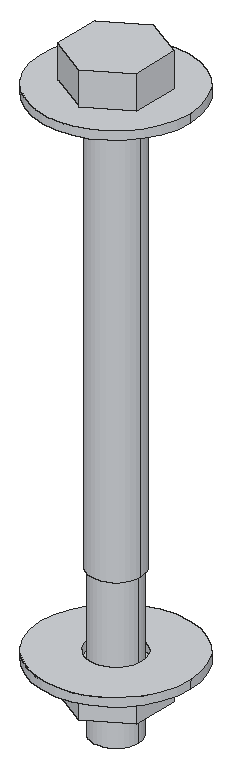
Revit family "Generic ISO Metric Bolt Assembly Geometry", category Allgemeines Modell, Revit 2022
Family settings
  Kann Basisbauteil für Bewehrung sein = Nein
  Bemaßung runder Anschluss = Durchmesser verwenden
  Teiletyp = Normal
  Arbeitsebenenbasiert = Nein
  Immer vertikal = Nein
  Beim Laden mit Abzugskörper schneiden = Nein
  Beschriftungsausrichtung beibehalten = Nein
  Gemeinsam genutzt = Nein
  Raumberechnungspunkt = Nein
Parameters (values of type "generic")
  pg2l = if(LG < 23 mm, 2, if(LG < 100 mm, 5, 10))  # 10
  cu = round((0.1453 * (D / 1 mm) + 0.3479) * pu) / pu * 1 mm  # 2 mm
  cdu3 = 3 * D + round(0) * 1 mm  # 36 mm
  u = cu  # 2 mm
  cdu2 = round(1.8508 * D / 1 mm + 0.7401) * 1 mm  # 23 mm
  cdu1 = if(D < 11 mm, round(10 * 1.0382 * D / 1 mm + 0.1206) / 10 * 1 mm, D + 1 mm)  # 13 mm
  tabG2L = "ISO Metric Bolt Assembly -- Grip to Length"  # constant formula
  s = size_lookup(tabMGeo, "s", cs, D)  # 19 mm
  ck = round(2 * (0.6216 * D / 1 mm + 0.2961)) / 2 * 1 mm  # 8 mm
  g2l = size_lookup(tabG2L, "l", LG + 2 * u + 2 * k, D, round(LG / 1 mm / pg2l) * pg2l * 1 mm)  # 140 mm
  pu = if(D < 10 mm, 10, if(D < 16 mm, 2, 1))  # 2
  pP = if(D < 6 mm, 10, if(D < 14 mm, 4, 2))  # 4
  cd2 = D - 3 * sqrt(3) / 8 * P  # 10.863 mm
  cb4 = 2 * D + 25 mm + round(0) * 1 mm  # 49 mm
  cb3 = 2 * D + 12 mm + round(0) * 1 mm  # 36 mm
  cb2 = 2 * D + 6 mm + round(0) * 1 mm  # 30 mm
  cb = if(Shank, if(l < 125 mm, cb2, if(l < 200 mm, cb3, cb4)), l - ca)  # 36 mm
  ca = round(2 * (0.7122 * (D / 1 mm) ^ 0.7822)) / 2 * 1 mm  # 5 mm
  Vorgabe-Ansicht = 0 mm
  cP = round(0.2365 * (D / 1 mm) ^ 0.7831 * pP) / pP * 1 mm  # 1.75 mm
  URL = "https://www.b-tu.de/en/fg-kommunikationstechnik/team/staff/prof-dr-ing-habil-matthias-wolff"
  P = size_lookup(tabMGeo, "P", cP, D)  # 1.75 mm
  Large Washers = yes
  LG = 120 mm
  cH = sqrt(3) / 2 * P  # 1.516 mm
  Hersteller = "Matthias Wolff"  # constant formula
  D = 12 mm
  ru1 = cdu1 / 2  # 6.5 mm
  R = D / 2 + round(0) * 1 mm  # 6 mm
  tabMGeo = "ISO Metric Screw Thread"  # constant formula
  g = LG + round(0) * 1 mm  # 120 mm
  cs = round(1.5095 * D / 1 mm + 0.6456) * 1 mm  # 19 mm
  Grip = yes
  Thread Material = none
  Material = none
  l = if(Grip, g2l, LG)  # 140 mm
  r2 = cd2 / 2  # 5.432 mm
  k = size_lookup(tabMGeo, "k", ck, D)  # 8 mm
  ru2 = if(Large Washers, cdu3 / 2, cdu2 / 2)  # 18 mm
  Shank = yes
  Beschreibung = "Geometry of an ISO metric bolt assembly with washers and hex cap and nut"  # constant formula
Reference planes
  plane 1 "Mitte (Vorne/hinten)": y = 0
  plane 2 "Reference plane": z = 0
  plane 3 "Mitte (Links/rechts)": x = 0
  plane 4 "Head bottom": z = 2
  plane 5 "Head top": z = 10
  plane 6 "Lower washer top": z = -120
  plane 7 "Nut top": z = -122
  plane 8 "Nut bottom": z = -130
  plane 9 "Bolt bottom": z = -138
  plane 10 "Shank end": z = -102
  plane 11 "ru1": x = 6.5
  plane 12 "ru2": x = 18
  plane 13 "R": x = 6
  plane 14 "r2": x = 5.432
  plane 15 "Simplified bolt end": z = -138
Forms (mm)
  Sweep 1, solid, material <- "Material", detail levels medium+fine
    path origin (0, 0, 0) x (1, 0, 0) y (0, 0, 1)
      loop
        line (0, 2) -> (0, 10)
    profile "Hexagonal Profile : generic" origin (0, 0, 6) x (-1, 0, 0) y (0, -1, 0)
      loop
        line (-9.5, 5.485) -> (-9.5, -5.485) -> (0, -10.97) -> (9.5, -5.485) -> (9.5, 5.485) -> (0, 10.97) -> (-9.5, 5.485)
  Sweep 2, solid, material <- "Material", visible <- "Grip", detail levels medium+fine
    path origin (0, 0, -109.5) x (1, 0, 0) y (0, 0, 1)
      loop
        line (0, -20.5) -> (0, -12.5)
    profile "Hexagonal Profile : generic" origin (0, 0, -126) x (-1, 0, 0) y (0, -1, 0)
      loop
        line (-9.5, 5.485) -> (-9.5, -5.485) -> (0, -10.97) -> (9.5, -5.485) -> (9.5, 5.485) -> (0, 10.97) -> (-9.5, 5.485)
  Extrusion 3, void
    sketch origin (0, 0, 0) x (1, 0, 0) y (0, 1, 0)
      loop
        circle (0, 0) r 5.432
    from -130 to -122
  Extrusion 4, solid, material <- "Material", detail levels medium+fine
    sketch origin (0, 0, 0) x (1, 0, 0) y (0, 1, 0)
      loop
        circle (0, 0) r 18
      loop
        circle (0, 0) r 6.5
    from 0 to 2
  Extrusion 5, solid, material <- "Material", visible <- "Grip", detail levels medium+fine
    sketch origin (0, 0, 0) x (1, 0, 0) y (0, 1, 0)
      loop
        circle (0, 0) r 18
      loop
        circle (0, 0) r 6.5
    from -122 to -120
  Extrusion 6, solid, material <- "Material", detail levels fine
    sketch origin (0, 0, 0) x (1, 0, 0) y (0, 1, 0)
      loop
        circle (0, 0) r 6
    from -102 to 2
  Extrusion 7, solid, material <- "Thread Material", detail levels fine
    sketch origin (0, 0, 0) x (1, 0, 0) y (0, 1, 0)
      loop
        circle (0, 0) r 5.432
    from -138 to -102
  Extrusion 8, solid, material <- "Material", visible <- "Grip", detail levels medium
    sketch origin (0, 0, 0) x (1, 0, 0) y (0, 1, 0)
      loop
        circle (0, 0) r 5.432
    from -138 to -120
Cuts and joins
  Extrusion 3 cuts Sweep 1
  Extrusion 3 cuts Sweep 2
Dimensions and locks
  "u": plane 4 "Head bottom" to plane 2 "Reference plane"
  "k": plane 5 "Head top" to plane 4 "Head bottom"
  "g": plane 2 "Reference plane" to plane 6 "Lower washer top"
  "u": plane 6 "Lower washer top" to plane 7 "Nut top"
  "k": plane 7 "Nut top" to plane 8 "Nut bottom"
  "l": plane 4 "Head bottom" to plane 9 "Bolt bottom"
  "cb": plane 10 "Shank end" to plane 9 "Bolt bottom"
  "ru1": plane 11 "ru1" to plane 3 "Mitte (Links/rechts)"
  "ru2": plane 12 "ru2" to plane 3 "Mitte (Links/rechts)"
  "R": plane 13 "R" to plane 3 "Mitte (Links/rechts)"
  "r2": plane 14 "r2" to plane 3 "Mitte (Links/rechts)"
  "k": plane 8 "Nut bottom" to plane 15 "Simplified bolt end"
  "r2": radius of Extrusion 3 sketch curve
  "ru2": radius of Extrusion 4 sketch curve
  "ru1": radius of Extrusion 4 sketch curve
  "ru2": radius of Extrusion 5 sketch curve
  "ru1": radius of Extrusion 5 sketch curve
  "R": radius of Extrusion 6 sketch curve
  "r2": radius of Extrusion 7 sketch curve
  "r2": radius of Extrusion 8 sketch curve
  aligned and locked: plane 3 "Mitte (Links/rechts)" to Sweep 1 sketch curve
  aligned and locked: plane 5 "Head top" to Sweep 1 sketch curve
  aligned and locked: plane 3 "Mitte (Links/rechts)" to Extrusion 3 sketch curve
  aligned and locked: plane 1 "Mitte (Vorne/hinten)" to Extrusion 3 sketch curve
  aligned and locked: Extrusion 3 to plane 8 "Nut bottom"
  aligned and locked: plane 7 "Nut top" to Extrusion 3
  aligned and locked: plane 7 "Nut top" to cut or joined group of Sweep 2, Extrusion 3
  aligned and locked: plane 8 "Nut bottom" to Sweep 2 sketch curve
  aligned and locked: plane 4 "Head bottom" to cut or joined group of Sweep 1, Extrusion 3
  aligned and locked: plane 5 "Head top" to cut or joined group of Sweep 1, Extrusion 3
  aligned and locked: plane 8 "Nut bottom" to cut or joined group of Sweep 2, Extrusion 3
  aligned and locked: level to plane 2 "Reference plane"
  aligned and locked: plane 3 "Mitte (Links/rechts)" to Extrusion 4 sketch curve  (x2)
  aligned and locked: plane 1 "Mitte (Vorne/hinten)" to Extrusion 4 sketch curve  (x2)
  aligned and locked: plane 4 "Head bottom" to Extrusion 4
  aligned and locked: Extrusion 4 to plane 2 "Reference plane"
  aligned and locked: plane 3 "Mitte (Links/rechts)" to Extrusion 5 sketch curve  (x2)
  aligned and locked: plane 1 "Mitte (Vorne/hinten)" to Extrusion 5 sketch curve  (x2)
  aligned and locked: plane 6 "Lower washer top" to Extrusion 5
  aligned and locked: Extrusion 5 to plane 7 "Nut top"
  aligned and locked: plane 1 "Mitte (Vorne/hinten)" to Extrusion 6 sketch curve
  aligned and locked: plane 3 "Mitte (Links/rechts)" to Extrusion 6 sketch curve
  aligned and locked: plane 4 "Head bottom" to Extrusion 6
  aligned and locked: Extrusion 6 to plane 10 "Shank end"
  aligned and locked: plane 3 "Mitte (Links/rechts)" to Extrusion 7 sketch curve
  aligned and locked: plane 1 "Mitte (Vorne/hinten)" to Extrusion 7 sketch curve
  aligned and locked: plane 10 "Shank end" to Extrusion 7
  aligned and locked: Extrusion 7 to plane 9 "Bolt bottom"
  aligned and locked: plane 1 "Mitte (Vorne/hinten)" to Extrusion 8 sketch curve
  aligned and locked: Extrusion 8 to plane 15 "Simplified bolt end"
  aligned and locked: plane 6 "Lower washer top" to Extrusion 8
Automatic sketch dimensions
  Sweep 1 sketch curve to plane 4 "Head bottom" = 0 mm
  Sweep 2 sketch curve to plane 3 "Mitte (Links/rechts)" = 0 mm
  Sweep 2 sketch curve to plane 7 "Nut top" = 0 mm
  Extrusion 8 sketch curve to plane 3 "Mitte (Links/rechts)" = 0 mm
